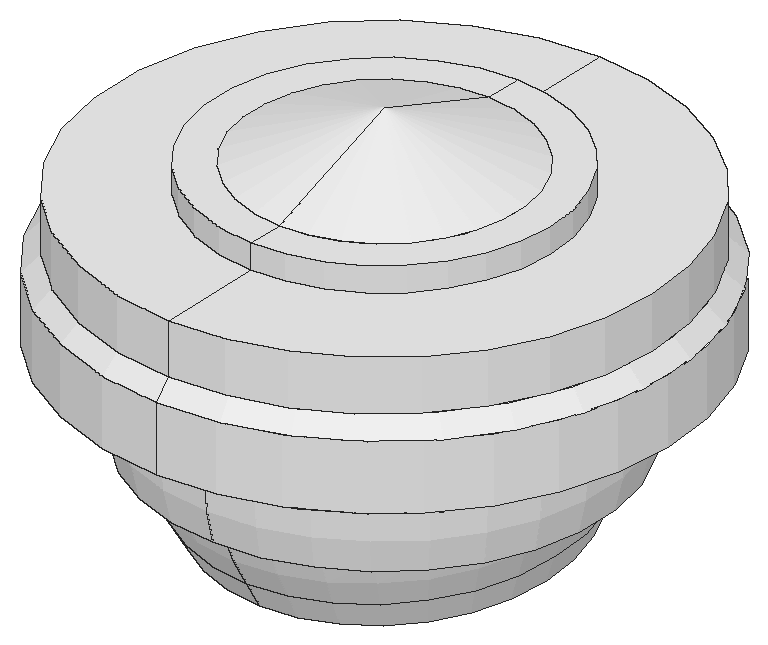
Revit family "PRD_FrankeWS_WshbsnSpts_F5Aerator_ACXX1002", category Specialty Equipment, Revit 2018
Family settings
  Round Connector Dimension = Use Diameter
  Part Type = Normal
  OmniClass Number = 23.45.05.14.99
  OmniClass Title = Other Sanitary Washing Plumbing Fixtures
  Work Plane-Based = Yes
  Always vertical = No
  Cut with Voids When Loaded = No
  Shared = No
  Room Calculation Point = No
Parameters (values of type "ACXX1002")
  WarrantyStartDate [instance] = "1900-12-31T23:59:59"
  WarrantyGuarantorParts = "n/a"
  WarrantyGuarantorLabor = "n/a"
  WarrantyDurationUnit = "year"
  WarrantyDurationParts = "n/a"
  WarrantyDurationLabor = "n/a"
  WarrantyDescription = "n/a"
  Version = "1"
  Uniclass2015Version = "Products v1.23"
  Uniclass2015Title = "Washbasin spouts"
  Uniclass2015Code = "Pr_40_20_87_97"
  URL = "www.kwc.com"
  TailorMade = "No"
  TagNumber [instance] = "n/a"
  SustainabilityPerformance = "n/a"
  Status = "New"
  Size = "n/a"
  Shape = "n/a"
  SerialNumber [instance] = "n/a"
  Revision = "n/a"
  ReplacementCost = "n/a"
  Reference = "n/a"
  QuantityUom = "Piece"
  Quantity = "1"
  ProductInformation = "https://pim.kwc.com/product/2030041326/attachment/datasheet?locale=en"
  ProductCode = "208.0578.963"
  NominalWidth = 0 mm
  NominalLength = 0 mm
  NominalHeight = 0 mm
  NominalDepth = 0 mm
  NetWeight = 0.025 kg
  Name = "F5 5.0 l/min. aerator, angle-adjustable ACXX1002"
  NBSTypeID = "n/a"
  NBSReference = "n/a"
  NBSOfficeMasterTag = "n/a"
  NBSNote = "n/a"
  NBSDescription = "n/a"
  NBSCertification = "n/a"
  ModelReference = "ACXX1002"
  ModelNumber = "2030041326"
  Model = ModelReference  # "ACXX1002"
  Material = "n/a"
  ManufacturerURL = "www.kwc.com"
  ManufacturerName = "KWC Group AG"  # constant formula
  Manufacturer = ManufacturerName  # "KWC Group AG"
  IntegralAccessories = "with mounting key"
  InstallationDate [instance] = "1900-12-31T23:59:59"
  IfcExportType = "USERDEFINED"
  IfcExportAs = "IfcSanitaryTerminalType"
  GrossWeight = 0.035 kg
  Grade = "n/a"
  Finish = "n/a"
  Features = "integrated flow regulator 5.0 l/min"
  ExpectedLife = "n/a"
  DurationUnit = "year"
  Description = "Theft-proof aerator, angle-adjustable +/- 6° in all directions, SLIM design, with integrated flow regulator 5.0 l/min, with male thread M 24 x 1, with mounting key."
  Default Elevation = 1219.2 mm
  CreatedOn = "04/2022"  # constant formula
  Constituents = "n/a"
  Color = "n/a"
  CodePerformance = "n/a"
  Category = "Pr_40_20_87_97, Washbasin spouts"
  BodyMaterial = PRD_AR_ChromatedBrass_HighPolished
  BarCode [instance] = "n/a"
  BIMObjectName = "PRD_AR_WashbasinSpouts_F5Aerator_ACXX1002"
  Author = "Archispace"  # constant formula
  AssetType = "Fixed"
  AssetIdentifier [instance] = "n/a"
  AccessibilityPerformance = "n/a"
Reference planes
  plane 1 "Center (Front/Back)": y = 0
  plane 2: z = 0
  plane 3 "Center (Left/Right)": x = 0
Forms (mm)
  Revolve 1, solid, material "PRD_AR_ChromatedBrass_HighPolished" <- "BodyMaterial", detail levels fine
    sketch origin (0, -0.32, 0) x (0, 1, 0) y (0, 0, 1)
      loop
        line (9.743, 2.6) -> (9.743, 3.43) -> (11.57, 3.43) -> (12.259, 3.828) -> (12.259, 6.533) -> (11.595, 7.198) -> (11.595, 9.33) -> (7.295, 9.33) -> (7.295, 10.355) -> (5.82, 10.355) -> (0.32, 12.357) -> (0.32, 0) -> (9.32, 0)
        arc (9.32, 0) -> (9.636, 1.283) -> (9.743, 2.6) r 8.195
      axis (0.32, 0) -> (0.32, 12.357)
    angle from 0 to 360
  Revolve 2, solid, material "PRD_AR_ChromatedBrass_HighPolished" <- "BodyMaterial", detail levels fine
    sketch origin (0, 0, 0) x (0, 1, 0) y (0, 0, 1)
      loop
        line (0.482, -2.759) -> (-0.04, 2.213) -> (-8.747, 1.298)
        arc (-8.747, 1.298) -> (-8.183, -0.613) -> (-7.203, -2.347) r 8.775
        line (-7.203, -2.347) -> (-6.512, -3.495) -> (0.482, -2.759)
      axis (-0.04, 2.213) -> (0.482, -2.759)
    angle from 0 to 360
  Revolve 3, solid, material "PRD_AR_ChromatedBrass_HighPolished" <- "BodyMaterial", detail levels coarse+medium
    sketch origin (0, 0, 0) x (0, 1, 0) y (0, 0, 1)
      loop
        line (0, 0) -> (11.939, 0) -> (11.939, 12.541) -> (0, 12.541) -> (0, 0)
      axis (0, 12.541) -> (0, 0)
    angle from 0 to 360
Cuts and joins
  joined: Revolve 1, Revolve 2
Dimensions and locks
  aligned and locked: level to plane 2
